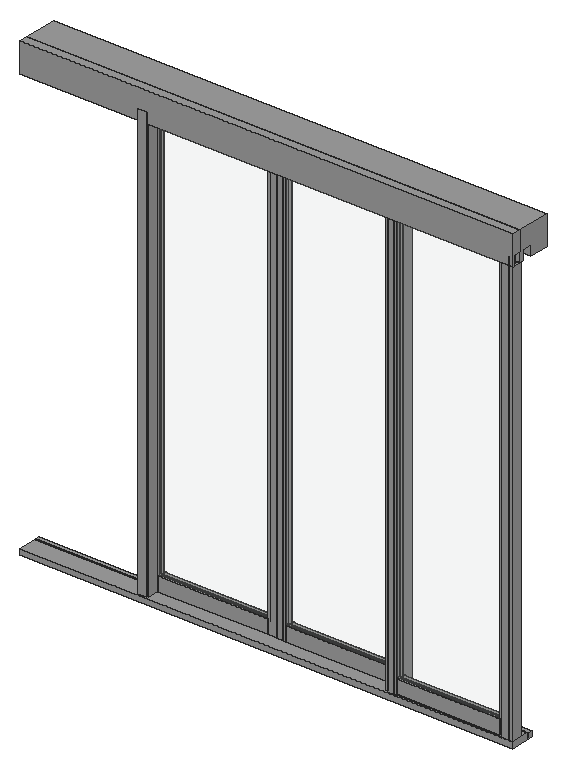
Revit family "agtatec_Record_SldngDrset_THERMCORD-D-STA_WallBased", category Doors, host Wall, Revit 2015
Parameters (values of type "THERMCORD D-STA 150mm drive unit height side panel left")
  WithoutDriveCladding(OnlyApplicableForTypesWithoutSidePanels) = not(WithDriveCladding)  # no
  WithinStandardSizes = and(OpeningWidth > 799.90 mm, OpeningWidth < 3000.10 mm, ClearHeightOfPassage < 3000.10 mm, ClearHeightOfPassage > 1999.90 mm)  # yes
  WithSidePanels = and(RightPanel, LeftPanel)  # no
  WithDriveCladding = yes
  WallMountingProfile = no
  TotalWidth = if(WithSidePanels, SidePanelWidthLeft + SidePanelWidthRight + OpeningWidth, if(RightPanel, SidePanelWidthRight + OpeningWidth + 54.50 mm, if(LeftPanel, SidePanelWidthLeft + OpeningWidth + 54.50 mm, OpeningWidth + 109.00 mm)))  # 1900.50 mm
  TotalHeight = ClearHeightOfPassage + DriveUnitHeight  # 2300.00 mm
  Thickness = 0.00 mm
  SupportLength = SidePanelWidthLeft + SidePanelWidthRight + OpeningWidth + DriveUnitExtraWidthRight + DriveUnitExtraWidthLeft  # 2492.00 mm
  SideVoidRight = if(and(RightPanel, [OffsetFromInteriorWallFace(OnlyApplicableForTypesWithTwoSidePanels)] = 0.00 mm), SidePanelWidthRight, if(and(not(RightPanel), [OffsetFromInteriorWallFace(OnlyApplicableForTypesWithTwoSidePanels)] = 0.00 mm), 70.00 mm, if(and(not(RightPanel), [OffsetFromInteriorWallFace(OnlyApplicableForTypesWithTwoSidePanels)] > 1.00 mm), 54.50 mm, SidePanelWidthRight)))  # 70.00 mm
  SideVoidLeft = if(and(LeftPanel, [OffsetFromInteriorWallFace(OnlyApplicableForTypesWithTwoSidePanels)] = 0.00 mm), SidePanelWidthLeft, if(and(not(LeftPanel), [OffsetFromInteriorWallFace(OnlyApplicableForTypesWithTwoSidePanels)] = 0.00 mm), 70.00 mm, if(and(not(LeftPanel), [OffsetFromInteriorWallFace(OnlyApplicableForTypesWithTwoSidePanels)] > 1.00 mm), 54.50 mm, SidePanelWidthLeft)))  # 646.00 mm
  SidePanelWidthRight = SidePanelMinimumStandard + ExtraRight  # 646.00 mm
  SidePanelWidthLeft = SidePanelMinimumStandard + ExtraLeft  # 646.00 mm
  SidePanelMinimumStandard = InnerPanelWidth  # 646.00 mm
  SecurityRating = "n/a"
  RightPanel = no
  PanelHeight = ClearHeightOfPassage + 50.00 mm  # 2200.00 mm
  PanelFrames = agtatec_Record_Sliding Door, Aluminium
  PanelFill = agtatec_Record_Sliding Door, Laminated Safety Glass (Clear)
  Operation = "Automatic"
  OpeningWidthInWall = if([OffsetFromInteriorWallFace(OnlyApplicableForTypesWithTwoSidePanels)] = 0.00 mm, OpeningWidth - 140.00 mm, OpeningWidth)  # 1060.00 mm
  OpeningWidth = 1200.00 mm
  OpeningAxis = CenterOfDoor + DriveUnitExtraWidthRight + ((SidePanelWidthRight + (OpeningWidth / 2)) - CenterOfDoor)  # 1246.00 mm
  OffsetFromWallTop = 0.00 mm
  OffsetFromWallSide = 0.00 mm
  OffsetFromInteriorWallFace(OnlyApplicableForTypesWithTwoSidePanels) = 0.00 mm
  Width = TotalWidth  # 1900.50 mm
  Weight = "Depends on configuration and size"
  WarrantyStartDate [instance] = "1900-12-31T23:59:59"
  WarrantyGuarantorParts = "Local door manufacturer"
  WarrantyGuarantorLabour = "Local door manufacturer"
  WarrantyDurationParts = "Depends on country"
  WarrantyDurationLabour = "Depends on country"
  WarrantyDescription = "Depends on country"
  Version = "Version 1.0"
  Uniclass2 = "Ss_25_30_20_77"
  URL = "www.agta-record.com"
  Type Comments = "n/a"
  ThresholdStripping = "No additional required, part of the doorset"
  ThresholdRequired = yes
  ThermalTransmittance = 0
  TagNumber [instance] = "n/a"
  SmokeStop = no
  Size = "n/a"
  Shape = "Rectangular"
  ServiceLifeDuration = "10-15 years"
  SerialNumber [instance] = "n/a"
  SelfClosing = yes
  Rough Width = SupportLength + OffsetFromWallSide + 6.00 mm  # 2498.00 mm
  Rough Height = TotalHeight + OffsetFromWallTop + 6.00 mm  # 2306.00 mm
  ReplacementCost = "Depends on the configuration and door type"
  ReferenceStandard = "EN16005, EN16361, DIN 18650, etc."
  Reference = "n/a"
  ProductionYear = "n/a"
  PassageWidthOptions = "n/a"
  Opening = 0.00 mm
  NominalWidth = TotalWidth  # 1900.50 mm
  NominalLength = 0.00 mm
  NominalHeight = TotalHeight  # 2300.00 mm
  ModelReference = "Depends on the configuration"
  Model = "Thermcord D-STA"
  Material = "Aluminium"
  ManufacturerURL = "www.agta-record.com"
  Manufacturer = "Record"
  LeftPanel = yes
  LeafColourOptions = "All RAL, customer specific"
  Keynote = "n/a"
  IssueDate = "n/a"
  IsExternal = yes
  InterlancingProfileHeight = PanelHeight - 5.00 mm  # 2195.00 mm
  InterlancingProfile1 = no
  InstallationDate [instance] = "1900-12-31T23:59:59"
  InnerPanelWidth = (OpeningWidth / 2) + 46.00 mm  # 646.00 mm
  Infiltration = "n/a"
  IfcExportType = "Door"
  IfcExportAs = "IfcDoorStyle"
  Height = TotalHeight  # 2300.00 mm
  HasDrive = yes
  HandicapAccessible = yes
  GlazingAreaFraction = "n/a"
  GlassType = "Part of glazing spec"
  GlassThickness2 = 0.00 mm
  GlassThickness1 = 8.00 mm
  GlassLayers = 2
  Function = Interior
  FrameSeal = yes
  FrameProfile = "Aluminium"
  FrameMaterial = "Aluminium"
  FrameFinishOptions = "n/a"
  FloorGuide = agtatec_Record_Sliding Door, Stainless Steel
  FireRating = "n/a"
  FireExit = no
  Fire Rating = "n/a"
  Finish = "Powder coated, Anodized, customer specific"
  ExtraWidthRight = 0.00 mm
  ExtraWidthLeft = 0.00 mm
  ExtraRight = if(not(RightPanel), 0.00 mm, ExtraWidthRight)  # 0.00 mm
  ExtraLeft = if(not(LeftPanel), 0.00 mm, ExtraWidthLeft)  # 0.00 mm
  ElectronicLock = yes
  DriveUnitHeight = 150.00 mm
  DriveUnitExtraWidthRight = 0.00 mm
  DriveUnitExtraWidthLeft = 0.00 mm
  DriveUnit = agtatec_Record_Sliding Door, Stainless Steel
  DoorsetOperation = "Automatic"
  DoorsetFasteners = "Screws"
  DoorSeal = "1"
  DoorOpening = 0.00 mm
  DoorNumber = "n/a"
  DoorIncluded = yes
  Description = "Automatic Sliding Door"
  Cost = 0
  Construction Type = "Automatic Sliding Door"
  Configuration = "1 or 2"
  Colour = "Customer specific"
  ClearanceZones = no
  ClearHeightOfPassage = 2150.00 mm
  CenterOfDoor = SupportLength / 2  # 1246.00 mm
  BarCode [instance] = "n/a"
  BIMObjectName = "THERMCORD D-STA - Wall based.rfa"
  Author = "agtatec"
  Assembly Code = "B2030110"
  AntiFingerTrapRequirement = yes
  AlternativeDoorsetGlazing = "Part of glazing spec"
  AcousticRating = "n/a"
  AccessoryOptions = "Contact manufacturer"
Reference planes
  plane 1: y = 0
  plane 2 "Center (Left/Right)": x = 0
  plane 3 "Wall Edge": y = 76.2
  plane 4: x = 530
  plane 5: x = -530
  plane 6: x = 1176
  plane 7: x = -600
  plane 8: z = 2300
  plane 9: x = 0
  plane 10: x = -1246
Lines and regions (mm)
  Opening 1
    outline origin (-1524, -76.2, 0) x (1, 0, 0) y (0, 0, 1)
      loop
        line (924, 0) -> (2700, 0) -> (2700, 2300) -> (924, 2300) -> (924, 0)
Text (mm)
  text "Placement Side" at (0, 1019.848, 3124.603), in view "Right"
  text "Placement Side" at (-1787.662, 723.012, 0), in view "Ref. Level"
  text "Placement Side" at (0, 2073.289, 3571.227), in view "Left"
Dimensions and locks
  locked: plane 3 "Wall Edge" to host wall
  "OffsetFromWallSide": Opening 1 sketch curve to plane 6
  "SideVoidLeft": plane 6 to plane 4
  "OffsetFromWallSide": plane 7 to Opening 1 sketch curve
  "SideVoidRight": plane 5 to plane 7
  "OffsetFromWallTop": Opening 1 sketch curve to plane 8
  "TotalHeight": plane 8 to level
  "OffsetFromInteriorWallFace(OnlyApplicableForTypesWithTwoSidePanels)": nested 1 to plane 3 "Wall Edge"
  "CenterOfDoor": plane 10 to plane 2 "Center (Left/Right)"
  "OpeningAxis": plane 10 to plane 9
  equal spacing: plane 4, plane 9, plane 5
  "OpeningWidthInWall": plane 4 to plane 5
Automatic sketch dimensions
  Opening 1 sketch curve to level = 0.00 mm
Nested families
  nested 1: "THERMCORD D-STA" at (0, 76.2, 0), type "THERMCORD D-STA 150mm drive unit height with two side panels"
    with WarrantyStartDate "1900-12-31T23:59:59", TagNumber "n/a", SerialNumber "n/a", InstallationDate "1900-12-31T23:59:59", BarCode "n/a", AssetIdentifier "n/a"
Definition of nested family "THERMCORD D-STA"
  Parameters
    WithoutSidePanels = and(not(RightPanel), not(LeftPanel))  # no
    WithoutDriveCladding(OnlyApplicableForTypesWithoutSidePanels) = not(WithDriveCladding)  # no
    WithinStandardSizes = and(OpeningWidth > 799.90 mm, OpeningWidth < 3000.10 mm, ClearHeightOfPassage < 3000.10 mm, ClearHeightOfPassage > 1999.90 mm)  # yes
    WithSidePanels = and(RightPanel, LeftPanel)  # yes
    WithDriveCladding = yes
    WarrantyDurationUnit = "Depends on country"
    WallMountingProfile = no
    Wall Opening Width = if(and(RightPanel, LeftPanel), OpeningWidth + SidePanelWidthRight + SidePanelWidthLeft, if(RightPanel, OpeningWidth + SidePanelWidthRight, if(LeftPanel, OpeningWidth + SidePanelWidthLeft, OpeningWidth)))  # 2492.00 mm
    TotalWidth = if(WithSidePanels, SidePanelWidthLeft + SidePanelWidthRight + OpeningWidth, if(RightPanel, SidePanelWidthRight + OpeningWidth + 54.50 mm, if(LeftPanel, SidePanelWidthLeft + OpeningWidth + 54.50 mm, OpeningWidth + 109.00 mm)))  # 2492.00 mm
    TotalHeight = ClearHeightOfPassage + DriveUnitHeight  # 2300.00 mm
    Thickness = 0.00 mm
    SustainabilityPerformance = "n/a"
    SupportLength = SidePanelWidthLeft + SidePanelWidthRight + OpeningWidth + DriveUnitExtraWidthRight + DriveUnitExtraWidthLeft  # 2492.00 mm
    SidePanelWidthRight = SidePanelMinimumStandard + ExtraRight  # 646.00 mm
    SidePanelWidthLeft = SidePanelMinimumStandard + ExtraLeft  # 646.00 mm
    SidePanelMinimumStandard = InnerPanelWidth  # 646.00 mm
    ServiceLifeType = "n/a"
    SecurityRating = "n/a"
    RightPanel = yes
    Revision = "n/a"
    ProductInformation = "www.agta-record.com"
    Process = "n/a"
    PanelHeight = ClearHeightOfPassage + 50.00 mm  # 2200.00 mm
    PanelFrames = none
    PanelFill = none
    OuterPanelWidthRight = SidePanelMinimumStandard - 32.82 mm + ExtraRight  # 613.18 mm
    OuterPanelWidthLeft = SidePanelMinimumStandard - 32.82 mm + ExtraLeft  # 613.18 mm
    OpeningWidth = 1200.00 mm
    Name = "SldngDrset_THERMCORD-D-STA_Standalone_Record"
    NBSTypeID = "n/a"
    NBSReference = "25-50-20/175"
    NBSOfficeMasterTag = "n/a"
    NBSNote = "n/a"
    NBSDescription = "Sliding Doorset"
    NBSCertification = "n/a"
    MountingProfileRight = and(RightPanel, WallMountingProfile)  # no
    MountingProfileLeft = and(LeftPanel, WallMountingProfile)  # no
    ModelNumber = "n/a"
    ModelLabel = "n/a"
    MethodOfMeasurement = "n/a"
    ManufacturerName = "info@recorduk.co.uk"
    LeftPanel = yes
    InterlancingProfileRight = not(and(RightPanel, (Wall Opening Width > OpeningWidth)))  # no
    InterlancingProfileLeft = not(and(LeftPanel, (Wall Opening Width > OpeningWidth)))  # no
    InterlancingProfileHeight = PanelHeight - 5.00 mm  # 2195.00 mm
    InterlancingProfile3 = or(and(Wall Opening Width < 2 * OpeningWidth, Wall Opening Width > OpeningWidth), WithDriveCladding)  # yes
    InterlancingProfile2 = and(Wall Opening Width = OpeningWidth, [WithoutDriveCladding(OnlyApplicableForTypesWithoutSidePanels)])  # no
    InterlancingProfile1 = yes
    InstallationDate [instance] = "1900-12-31T23:59:59"
    InnerPanelWidth = (OpeningWidth / 2) + 46.00 mm  # 646.00 mm
    IfcExportType = "Door"
    IfcExportAs = "IfcDoorStyle"
    Grade = "n/a"
    GlazingAreaFraction = "n/a"
    GlassThickness2 = 0.00 mm
    GlassThickness1 = 8.00 mm
    FloorListDepth = if(WithDriveCladding, 89.00 mm, 46.75 mm)  # 89.00 mm
    FloorGuide = none
    Width = TotalWidth  # 2492.00 mm
    Weight = "Depends on configuration and size"
    WarrantyStartDate [instance] = "1900-12-31T23:59:59"
    WarrantyGuarantorParts = "Local door manufacturer"
    WarrantyGuarantorLabour = "Local door manufacturer"
    WarrantyDurationParts = "Depends on country"
    WarrantyDurationLabour = "Depends on country"
    WarrantyDescription = "Depends on country"
    Version = "Version 1.0"
    Uniclass2 = "Ss_25_30_20_77"
    URL = "www.agta-record.com"
    Type Comments = "n/a"
    ThresholdStripping = "No additional required, part of the doorset"
    ThresholdRequired = yes
    ThermalTransmittance = 0
    TagNumber [instance] = "n/a"
    SmokeStop = no
    Size = "n/a"
    Shape = "Rectangular"
    ServiceLifeDuration = "10-15 years"
    SerialNumber [instance] = "n/a"
    SelfClosing = yes
    Rough Width = TotalWidth + 6.00 mm  # 2498.00 mm
    Rough Height = TotalHeight + 6.00 mm  # 2306.00 mm
    ReplacementCost = "Depends on the configuration and door type"
    ReferenceStandard = "EN16005, EN16361, DIN 18650, etc."
    Reference = "n/a"
    ProductionYear = "n/a"
    PassageWidthOptions = "n/a"
    Operation = "n/a"
    NominalWidth = TotalWidth  # 2492.00 mm
    NominalLength = 0.00 mm
    NominalHeight = TotalHeight  # 2300.00 mm
    ModelReference = "Depends on the configuration"
    Model = "Thermcord D-STA"
    Material = "Aluminium"
    ManufacturerURL = "www.agta-record.com"
    Manufacturer = "Record"
    LeafColourOptions = "All RAL, customer specific"
    Keynote = "n/a"
    IssueDate = "n/a"
    IsExternal = yes
    Infiltration = "n/a"
    Height = TotalHeight  # 2300.00 mm
    HasDrive = yes
    HandicapAccessible = yes
    GlassType = "Part of glazing spec"
    GlassLayers = 2
    Function = 1
    FrameSeal = yes
    FrameProfile = "Aluminium"
    FrameMaterial = "Aluminium"
    FrameFinishOptions = "n/a"
    FireRating = "n/a"
    FireExit = no
    Fire Rating = "n/a"
    Finish = "Powder coated, Anodized, customer specific"
    Features = "n/a"
    ExtraWidthRight = 0.00 mm
    ExtraWidthLeft = 0.00 mm
    ExtraRight = if(not(RightPanel), 0.00 mm, ExtraWidthRight)  # 0.00 mm
    ExtraLeft = if(not(LeftPanel), 0.00 mm, ExtraWidthLeft)  # 0.00 mm
    ExpectedLife = "n/a"
    ElectronicLock = yes
    DurationUnit = "year"
    DriveUnitHeight = 150.00 mm
    DriveUnitExtraWidthRight = 0.00 mm
    DriveUnitExtraWidthLeft = 0.00 mm
    DriveUnitCenterDistance = (OpeningWidth / 2) + SidePanelWidthRight + DriveUnitExtraWidthRight  # 1246.00 mm
    DriveUnit = none
    DriveDepth = if(and([WithoutDriveCladding(OnlyApplicableForTypesWithoutSidePanels)], DriveUnitHeight = 200.00 mm), 167.00 mm, if(and([WithoutDriveCladding(OnlyApplicableForTypesWithoutSidePanels)], DriveUnitHeight = 150.00 mm), 157.00 mm, 210.00 mm))  # 210.00 mm
    DoorsetOperation = "Automatic"
    DoorsetFasteners = "Screws"
    DoorSeal = "yes"
    DoorOpeningRestriction = if(DoorOpening > OpeningWidth, OpeningWidth, DoorOpening)  # 0.00 mm
    DoorOpening = 0.00 mm
    DoorNumber = "n/a"
    DoorIncluded = yes
    Documentation = "n/a"
    DocumentReference = "n/a"
    DistanceToWall = if([WithoutDriveCladding(OnlyApplicableForTypesWithoutSidePanels)], 20.00 mm, 63.00 mm)  # 63.00 mm
    Description = "Automatic Sliding Door"
    Cost = 0
    Construction Type = "Automatic Sliding Door"
    Constituents = "n/a"
    Configuration = "1 or 2"
    Colour = "Customer specific"
    CodePerformance = "n/a"
    ClearanceZoneRight = if(or(not(WallMountingProfile), not(RightPanel), DriveUnitExtraWidthRight > 0.00 mm), ((OpeningWidth / 2) + SidePanelWidthRight + DriveUnitExtraWidthRight), ((OpeningWidth / 2) + SidePanelWidthRight + DriveUnitExtraWidthRight + 25.00 mm))  # 1246.00 mm
    ClearanceZoneLeft = if(or(not(WallMountingProfile), not(LeftPanel), DriveUnitExtraWidthLeft > 0.00 mm), ((OpeningWidth / 2) + SidePanelWidthLeft + DriveUnitExtraWidthLeft), ((OpeningWidth / 2) + SidePanelWidthLeft + DriveUnitExtraWidthLeft + 25.00 mm))  # 1246.00 mm
    Clearance Zones = no
    ClearHeightOfPassage = 2150.00 mm
    CenterOfDoor = SupportLength / 2  # 1246.00 mm
    Category = "n/a"
    BarCode [instance] = "n/a"
    BIMObjectName = "agtatec_Record_SlidingDoorset_THERMCORD-D-STA_Standalone"
    Author = "agtatec"
    AssetType = "n/a"
    AssetIdentifier [instance] = "n/a"
    Assembly Code = "B2030110"
    AntiFingerTrapRequirement = yes
    AlternativeDoorsetGlazing = "Part of glazing spec"
    AcousticRating = "n/a"
    AccessoryOptions = "Contact manufacturer"
    AccessibilityPerformance = "n/a"
  Reference planes
    plane 1 "Center (Front/Back)": y = 0
    plane 2: z = 0
    plane 3 "Ex Center (Left/Right)": x = 0
    plane 4: x = -1221.68
    plane 5: x = 1221.68
    plane 6: y = 5
    plane 7: y = 101
    plane 8: x = 0
    plane 9: x = 0
    plane 10: x = -1246
    plane 11: x = 1246
    plane 12: z = 2300
    plane 13: z = 2150
    plane 14: z = 2508.08
    plane 15: x = -1175.68
    plane 16: x = 1175.68
    plane 17: x = 600
    plane 18: x = 608.5
    plane 19 "Drive Unit Center Ref": x = -1246
    plane 20: z = 2320
    plane 21: y = 360
    plane 22 "Clearance Zone Right": x = 1246
    plane 23 "Reference": z = 270
    plane 24 "2D Lines": z = 100
    plane 25: x = -646
    plane 26: y = 63
    plane 27: x = 646
    plane 28: y = 45.85
    plane 29: x = -600
    plane 30: x = -608.5
    plane 31: y = 210
    plane 32 "Center (Left/Right)": x = 0
    plane 33: x = -1246
    plane 34: x = 1246
  Forms (mm)
    Extrusion 1, solid, material <- "PanelFrames", visible <- "RightPanel"
      sketch origin (0, 0, 0) x (1, 0, 0) y (0, 1, 0)
        loop
          line (-1191, 5) -> (-1236.36, 5) -> (-1236.36, 43) -> (-1191, 43) -> (-1191, 45.85) -> (-1246, 45.85) -> (-1246, 0) -> (-1191, 0) -> (-1191, 5)
      from 0 to 2150
    Extrusion 2, solid, material <- "PanelFrames", visible <- "LeftPanel"
      sketch origin (0, 0, 0) x (-1, 0, 0) y (0, -1, 0)
        loop
          line (-1191, -5) -> (-1191, 0) -> (-1246, 0) -> (-1246, -45.85) -> (-1191, -45.85) -> (-1191, -43) -> (-1236.36, -43) -> (-1236.36, -5) -> (-1191, -5)
      from 0 to 2150
    Extrusion 3, solid, material <- "FloorGuide"
      sketch origin (0, 0, 0) x (0, 1, 0) y (0, 0, 1)
        loop
          line (0, 0) -> (0, -30) -> (116, -30) -> (116, 0) -> (96, 0) -> (96, -28) -> (89, -28) -> (89, 0) -> (0, 0)
      from -1246 to 1246
    Extrusion 4, solid, material <- "PanelFrames", visible <- "MountingProfileLeft"
      sketch origin (0, 0, 0) x (1, 0, 0) y (0, 1, 0)
        loop
          line (1246, 45.85) -> (1246, 0) -> (1271, 0) -> (1271, 2.5) -> (1256.5, 2.5) -> (1256.5, 45.85) -> (1246, 45.85)
      from 0 to 2150
    Extrusion 5, solid, material <- "PanelFrames", visible <- "MountingProfileRight"
      sketch origin (0, 0, 0) x (-1, 0, 0) y (0, -1, 0)
        loop
          line (1246, -45.85) -> (1256.5, -45.85) -> (1256.5, -2.5) -> (1271, -2.5) -> (1271, 0) -> (1246, 0) -> (1246, -45.85)
      from 0 to 2150
    Extrusion 6, solid, visible <- "Clearance Zones"
      sketch origin (0, 0, 0) x (0, 1, 0) y (0, 0, 1)
        loop
          line (360, 2320) -> (0, 2320) -> (0, 0) -> (360, 0) -> (360, 2320)
      from -1246 to 1246
  Lines and regions (mm)
    Masking region 1, visible <- "RightPanel"
      outline origin (0, 0, 0) x (1, 0, 0) y (0, 1, 0)
        loop
          line (-1236.36, 43) -> (-1236.36, 5) -> (-1221.68, 5) -> (-1221.68, 43) -> (-1236.36, 43)
    Masking region 2, visible <- "LeftPanel"
      outline origin (0, 0, 0) x (1, 0, 0) y (0, 1, 0)
        loop
          line (1191, 45.85) -> (1191, 43) -> (1236.36, 43) -> (1236.36, 5) -> (1191, 5) -> (1191, 0) -> (1246, 0) -> (1246, 45.85) -> (1191, 45.85)
    Masking region 3, visible <- "LeftPanel"
      outline origin (0, 0, 0) x (1, 0, 0) y (0, 1, 0)
        loop
          line (1236.36, 43) -> (1221.68, 43) -> (1221.68, 5) -> (1236.36, 5) -> (1236.36, 43)
    Masking region 4, visible <- "MountingProfileLeft"
      outline origin (0, 0, 0) x (1, 0, 0) y (0, 1, 0)
        loop
          line (1246, 45.85) -> (1246, 0) -> (1271, 0) -> (1271, 2.5) -> (1256.5, 2.5) -> (1256.5, 45.85) -> (1246, 45.85)
    Masking region 5, visible <- "MountingProfileRight"
      outline origin (0, 0, 0) x (1, 0, 0) y (0, 1, 0)
        loop
          line (-1256.5, 45.85) -> (-1256.5, 2.5) -> (-1271, 2.5) -> (-1271, 0) -> (-1246, 0) -> (-1246, 45.85) -> (-1256.5, 45.85)
    Masking region 6, visible <- "RightPanel"
      outline origin (0, 0, 0) x (1, 0, 0) y (0, 1, 0)
        loop
          line (-1191, 45.85) -> (-1246, 45.85) -> (-1246, 0) -> (-1191, 0) -> (-1191, 5) -> (-1236.36, 5) -> (-1236.36, 43) -> (-1191, 43) -> (-1191, 45.85)
    symbolic lines
      curve 1: line (175, -50, 0) -> (25, -50, 0)
      curve 2: line (175, -50, 0) -> (139.645, -14.645, 0)
      curve 3: line (175, -50, 0) -> (139.645, -85.355, 0)
      curve 4: line (-25, -50, 0) -> (-175, -50, 0)
      curve 5: line (-175, -50, 0) -> (-139.645, -14.645, 0)
      curve 6: line (-175, -50, 0) -> (-139.645, -85.355, 0)
    symbolic lines, visible <- "LeftPanel", detail levels medium+fine
      curve 7: line (1191, 43, 100) -> (1236.36, 43, 100)
      curve 8: line (1236.36, 5, 100) -> (1191, 5, 100)
      curve 9: line (1236.36, 5, 100) -> (1236.36, 43, 100)
      curve 10: line (1221.68, 43, 100) -> (1221.68, 5, 100)
    symbolic lines, visible <- "RightPanel", detail levels medium+fine
      curve 11: line (-1191, 43, 100) -> (-1236.36, 43, 100)
      curve 12: line (-1236.36, 5, 100) -> (-1191, 5, 100)
      curve 13: line (-1236.36, 5, 100) -> (-1236.36, 43, 100)
      curve 14: line (-1221.68, 43, 100) -> (-1221.68, 5, 100)
  Dimensions and locks
    locked: plane 6 to plane 1 "Center (Front/Back)" at 5
    locked: plane 1 "Center (Front/Back)" to plane 7 at 101
    equal spacing: plane 8, plane 3 "Ex Center (Left/Right)", plane 9
    locked: plane 10 to plane 4 at 24.32
    locked: plane 5 to plane 11 at 24.32
    "DriveUnitHeight": plane 12 to plane 13
    locked: plane 14 to plane 13 at 358.08
    locked: plane 10 to plane 15 at 70.32
    locked: plane 16 to plane 11 at 70.32
    locked: plane 17 to plane 18 at 8.5
    "SidePanelWidthLeft": plane 17 to plane 11
    "ClearHeightOfPassage": plane 13 to plane 2
    "DriveUnitCenterDistance": plane 3 "Ex Center (Left/Right)" to plane 19 "Drive Unit Center Ref"
    locked: plane 20 to plane 12 at 20
    "SupportLength": plane 19 "Drive Unit Center Ref" to plane 22 "Clearance Zone Right"
    "DoorOpeningRestriction": plane 8 to plane 9
    "InnerPanelWidth": plane 25 to plane 8
    "InnerPanelWidth": plane 9 to plane 27
    "DistanceToWall": plane 26 to plane 1 "Center (Front/Back)"
    locked: plane 26 to nested 8 at 20
    locked: plane 26 to nested 9 at 20
    locked: plane 28 to plane 1 "Center (Front/Back)" at 45.85
    locked: plane 30 to plane 29 at 8.5
    equal spacing: plane 29, plane 3 "Ex Center (Left/Right)", plane 17
    "SidePanelWidthRight": plane 10 to plane 29
    "OpeningWidth": plane 29 to plane 17
    "DriveDepth": plane 1 "Center (Front/Back)" to plane 31
    "DriveUnitHeight": plane 31 to plane 21
    locked: Extrusion 3 sketch curve to Extrusion 3 sketch curve at 20
    locked: Extrusion 3 sketch curve to Extrusion 3 sketch curve at 7
    "FloorListDepth": plane 1 "Center (Front/Back)" to Extrusion 3 sketch curve
    "CenterOfDoor": plane 19 "Drive Unit Center Ref" to plane 32 "Center (Left/Right)"
    "ClearanceZoneLeft": plane 3 "Ex Center (Left/Right)" to plane 34
    "ClearanceZoneRight": plane 33 to plane 3 "Ex Center (Left/Right)"
    aligned and locked: level to plane 2
    aligned and locked: Extrusion 1 to plane 10
    aligned and locked: plane 11 to Extrusion 2
    aligned and locked: plane 11 to Extrusion 4 sketch curve
    aligned and locked: plane 13 to Extrusion 4
    aligned and locked: plane 13 to Extrusion 2
    aligned and locked: plane 13 to Extrusion 1
    aligned and locked: plane 13 to Extrusion 5
    aligned and locked: plane 12 to nested 2
    aligned and locked: Extrusion 3 to plane 10
    aligned and locked: plane 11 to Extrusion 3
    aligned and locked: nested 2 to plane 19 "Drive Unit Center Ref"
    aligned and locked: plane 21 to Extrusion 6 sketch curve
    aligned and locked: Extrusion 6 sketch curve to plane 20
    aligned and locked: nested 7 to plane 25
    aligned and locked: plane 26 to nested 7
    aligned and locked: plane 25 to nested 6
    aligned and locked: nested 6 to plane 26
    aligned and locked: plane 28 to Extrusion 2 sketch curve
    aligned and locked: Masking region 2 sketch curve to plane 28
    aligned and locked: Extrusion 4 sketch curve to plane 28
    aligned and locked: Masking region 4 sketch curve to plane 28
    aligned and locked: Extrusion 1 sketch curve to plane 28
    aligned and locked: plane 28 to Extrusion 5 sketch curve
    aligned and locked: Masking region 1 to Extrusion 1
    aligned and locked: Masking region 3 to Extrusion 2
    aligned and locked: plane 10 to Extrusion 5 sketch curve
    aligned and locked: Masking region 5 sketch curve to plane 28
    aligned and locked: Masking region 5 sketch curve to plane 10
    aligned and locked: plane 30 to nested 8
    aligned and locked: plane 1 "Center (Front/Back)" to nested 2
    aligned and locked: plane 30 to nested 5
    aligned and locked: plane 30 to nested 11
    aligned and locked: plane 18 to nested 9
    aligned and locked: plane 18 to nested 10
    aligned and locked: plane 18 to nested 1
    aligned and locked: plane 27 to nested 4
    aligned and locked: nested 3 to plane 26
    aligned and locked: nested 3 to plane 27
    aligned and locked: plane 26 to nested 4
    aligned and locked: Extrusion 6 to plane 33
    aligned and locked: plane 34 to Extrusion 6
  Automatic sketch dimensions
    Extrusion 6 sketch curve to level = 0.00 mm
    Extrusion 6 sketch curve to plane 1 "Center (Front/Back)" = 0.00 mm
    plane 1 "Center (Front/Back)" to curve 5 = 14.645 mm
    curve 5 to curve 6 = 0.00 mm
    curve 4 to curve 5 = 35.355 mm
    plane 1 "Center (Front/Back)" to curve 2 = 14.645 mm
    curve 3 to curve 2 = 0.00 mm
    plane 1 "Center (Front/Back)" to curve 2 = 50.00 mm
    curve 2 to curve 2 = 35.355 mm
    curve 6 to curve 5 = 35.355 mm
    Extrusion 1 sketch curve to plane 10 = 0.00 mm
    Extrusion 1 sketch curve to plane 6 = 0.00 mm
    Extrusion 1 sketch curve to plane 1 "Center (Front/Back)" = 0.00 mm
    plane 10 to Extrusion 1 sketch curve = 9.64 mm
    Extrusion 1 sketch curve to plane 15 = 15.32 mm  (x2)
    Extrusion 1 sketch curve to Extrusion 1 sketch curve = 2.85 mm
    Extrusion 2 sketch curve to plane 11 = 0.00 mm
    Extrusion 2 sketch curve to plane 6 = 0.00 mm
    plane 1 "Center (Front/Back)" to Extrusion 2 sketch curve = 0.00 mm
    plane 11 to Extrusion 2 sketch curve = 9.64 mm
    Extrusion 2 sketch curve to plane 16 = 15.32 mm  (x2)
    Extrusion 2 sketch curve to Extrusion 2 sketch curve = 2.85 mm
    plane 1 "Center (Front/Back)" to Extrusion 4 sketch curve = 0.00 mm
    plane 11 to Extrusion 4 sketch curve = 10.50 mm
    Extrusion 4 sketch curve to Extrusion 4 sketch curve = 14.50 mm
    Extrusion 4 sketch curve to plane 1 "Center (Front/Back)" = 2.50 mm
    Extrusion 5 sketch curve to plane 1 "Center (Front/Back)" = 0.00 mm
    Extrusion 5 sketch curve to Extrusion 5 sketch curve = 10.50 mm
    Extrusion 5 sketch curve to Extrusion 5 sketch curve = 14.50 mm
    Extrusion 5 sketch curve to Extrusion 5 sketch curve = 2.50 mm
    Masking region 1 sketch curve to plane 6 = 0.00 mm
    Masking region 1 sketch curve to plane 4 = 0.00 mm
    plane 10 to Masking region 1 sketch curve = 9.64 mm
    Masking region 1 sketch curve to plane 26 = 20.00 mm
    Masking region 2 sketch curve to plane 6 = 0.00 mm
    plane 1 "Center (Front/Back)" to Masking region 2 sketch curve = 0.00 mm
    Masking region 2 sketch curve to plane 11 = 0.00 mm
    Masking region 2 sketch curve to plane 11 = 9.64 mm
    plane 16 to Masking region 2 sketch curve = 15.32 mm  (x2)
    Masking region 2 sketch curve to Masking region 2 sketch curve = 2.85 mm
    Masking region 3 sketch curve to plane 6 = 0.00 mm
    Masking region 3 sketch curve to plane 5 = 0.00 mm
    Masking region 3 sketch curve to plane 11 = 9.64 mm
    Masking region 3 sketch curve to plane 26 = 20.00 mm
    plane 1 "Center (Front/Back)" to Masking region 4 sketch curve = 0.00 mm
    Masking region 4 sketch curve to plane 11 = 0.00 mm
    Masking region 4 sketch curve to Masking region 4 sketch curve = 10.50 mm
    Masking region 4 sketch curve to Masking region 4 sketch curve = 14.50 mm
    Masking region 4 sketch curve to plane 1 "Center (Front/Back)" = 2.50 mm
    curve 1 to curve 2 = 114.645 mm
    curve 6 to curve 4 = 114.645 mm
    plane 3 "Ex Center (Left/Right)" to curve 1 = 25.00 mm
    curve 4 to plane 3 "Ex Center (Left/Right)" = 25.00 mm
    curve 9 to plane 6 = 0.00 mm
    curve 10 to plane 5 = 0.00 mm
    curve 12 to plane 6 = 0.00 mm
    curve 14 to plane 4 = 0.00 mm
    curve 9 to plane 28 = 2.85 mm
    curve 9 to plane 11 = 9.64 mm
    plane 16 to curve 8 = 15.32 mm
    plane 16 to curve 7 = 15.32 mm
    curve 11 to plane 28 = 2.85 mm
    curve 11 to plane 15 = 15.32 mm
    curve 12 to plane 15 = 15.32 mm
    plane 10 to curve 13 = 9.64 mm
    plane 1 "Center (Front/Back)" to Masking region 5 sketch curve = 0.00 mm
    Masking region 5 sketch curve to Masking region 5 sketch curve = 10.50 mm
    Masking region 5 sketch curve to Masking region 5 sketch curve = 14.50 mm
    Masking region 5 sketch curve to plane 1 "Center (Front/Back)" = 2.50 mm
    Masking region 6 sketch curve to plane 10 = 0.00 mm
    Masking region 6 sketch curve to plane 6 = 0.00 mm
    Masking region 6 sketch curve to plane 28 = 0.00 mm
    plane 1 "Center (Front/Back)" to Masking region 6 sketch curve = 0.00 mm
    plane 10 to Masking region 6 sketch curve = 9.64 mm
    Masking region 6 sketch curve to plane 28 = 2.85 mm
    Masking region 6 sketch curve to plane 15 = 15.32 mm  (x2)
    Extrusion 3 sketch curve to level = 0.00 mm  (x2)
    Extrusion 3 sketch curve to plane 1 "Center (Front/Back)" = 0.00 mm
    Extrusion 3 sketch curve to level = 28.00 mm
    Extrusion 3 sketch curve to level = 30.00 mm
  Nested families
    nested 1: "Outer Panel Left" at (608.5, 5, 0), visible <- "LeftPanel", type "Outer Panel Left"
    nested 2: "Top Element (drive unit)" at (0, 0, 2300), type "Top Element (drive unit)"
      with Total Width 2492.00 mm, Support Length 2492.00 mm
    nested 3: "Inner Panel" at (0, 63, 0), type "Inner Panel"
      with Inner Panel Width 646.00 mm
    nested 4: "Interlacing profile" at (646, 63, 5) x (0, -1, 0) z (0, 0, 1), type "Interlacing profile"
    nested 5: "Outer Panel Right" at (-1221.68, 5, 0), visible <- "RightPanel", type "Outer Panel Right"
    nested 6: "Interlacing profile" at (-646, 63, 5) x (0, -1, 0) z (0, 0, 1), type "Interlacing profile"
    nested 7: "Inner Panel" at (0, 63, 0) x (-1, 0, 0) z (0, 0, 1), type "Inner Panel"
      with Inner Panel Width 646.00 mm
    nested 8: "Interlacing profile" at (-608.5, 43, 5) x (0, 1, 0) z (0, 0, 1), visible <- "InterlancingProfileRight", type "Modified profile"
      with Interlacing profile 3 yes
    nested 9: "Interlacing profile" at (608.5, 43, 5) x (0, 1, 0) z (0, 0, 1), visible <- "InterlancingProfileLeft", type "Modified profile"
      with Interlacing profile 3 yes
    nested 10: "Interlacing profile" at (608.5, 43, 5) x (0, 1, 0) z (0, 0, 1), visible <- "LeftPanel", type "Interlacing profile"
    nested 11: "Interlacing profile" at (-608.5, 43, 5) x (0, 1, 0) z (0, 0, 1), visible <- "RightPanel", type "Interlacing profile"
  Definition of nested family "Outer Panel Left"
    Parameters
      Panel Height = 2200.00 mm
      Panel Glass = none
      Panel Frames = none
      Outer Panel Width Left = 613.18 mm
    Reference planes
      plane 1 "Center (Front/Back)": y = 0
      plane 2: z = 0
      plane 3 "Center (Left/Right)": x = 0
      plane 4: x = 613.18
      plane 5: z = 2200
      plane 6: x = 567.18
      plane 7: x = 46
      plane 8: z = 2163
      plane 9 "Above": z = 66
      plane 10: x = 581.18
      plane 11: x = 32
      plane 12: x = 582.5
      plane 13: x = 16.25
    Forms (mm)
      Extrusion 1, solid, material <- "Panel Frames"
        sketch origin (0, 0, 0) x (1, 0, 0) y (0, 1, 0)
          loop
            line (0, 0) -> (46, 0) -> (46, 2) -> (30, 2) -> (30, 36) -> (46, 36) -> (46, 38) -> (0, 38) -> (0, 0)
        from 0 to 2200
      Extrusion 2, solid, material <- "Panel Frames"
        sketch origin (591.5, 0, 0) x (-1, 0, 0) y (0, -1, 0)
          loop
            line (-21.68, 0) -> (-21.68, -38) -> (24.32, -38) -> (24.32, -36) -> (8.32, -36) -> (8.32, -2) -> (24.32, -2) -> (24.32, 0) -> (-21.68, 0)
        from 0 to 2200
      Extrusion 3, solid, material <- "Panel Frames"
        sketch origin (75, 0, 0) x (0, 1, 0) y (0, 0, 1)
          loop
            line (0, 2200) -> (0, 2150) -> (2.5, 2150) -> (2.5, 2166) -> (35.5, 2166) -> (35.5, 2150) -> (38, 2150) -> (38, 2200) -> (0, 2200)
        from -29 to 492.18
      Extrusion 4, solid, material <- "Panel Glass"
        sketch origin (0, 0, 0) x (1, 0, 0) y (0, 1, 0)
          loop
            line (32, 34) -> (32, 4) -> (581.18, 4) -> (581.18, 34) -> (32, 34)
        from 66 to 2163
      Extrusion 5, solid, material <- "Panel Frames"
        sketch origin (20, 0, 0) x (0, 1, 0) y (0, 0, 1)
          loop
            line (0, 5) -> (2.25, 5) -> (2.25, 0) -> (35.25, 0) -> (35.25, 5) -> (38, 5) -> (38, 77) -> (35.5, 77) -> (35.5, 61) -> (2.5, 61) -> (2.5, 77) -> (0, 77) -> (0, 5)
        from 26 to 547.18
    Lines and regions (mm)
      Masking region 1
        outline origin (0, 0, 0) x (1, 0, 0) y (0, 1, 0)
          loop
            line (0, 38) -> (0, 0) -> (582.5, 0) -> (613.18, 0) -> (613.18, 38) -> (582.5, 38) -> (16.25, 38) -> (0, 38)
      symbolic lines, detail levels medium+fine
        curve 1: line (567.18, 38, 66) -> (567.18, 0, 66)
        curve 2: line (46, 38, 66) -> (46, 0, 66)
      symbolic lines, detail levels fine
        curve 3: line (46, 34, 66) -> (567.18, 34, 66)
        curve 4: line (567.18, 4, 66) -> (46, 4, 66)
    Dimensions and locks
      "Panel Height": plane 5 to plane 2
      locked: plane 7 to plane 3 "Center (Left/Right)" at 46
      locked: plane 6 to plane 4 at 46
      locked: plane 5 to plane 8 at 37
      locked: plane 9 "Above" to level at 66
      locked: plane 4 to plane 10 at 32
      locked: plane 11 to plane 3 "Center (Left/Right)" at 32
      locked: plane 12 to plane 4 at 30.68
      plane 3 "Center (Left/Right)" to plane 13 = 16.25 mm
      "Outer Panel Width Left": plane 4 to plane 3 "Center (Left/Right)"
      aligned and locked: plane 2 to level
      aligned and locked: plane 5 to Extrusion 2
      aligned and locked: plane 5 to Extrusion 1
      aligned and locked: Extrusion 3 to plane 7
      aligned and locked: Extrusion 3 to plane 6
      aligned and locked: plane 8 to Extrusion 4
      aligned and locked: Extrusion 4 to plane 9 "Above"
      aligned and locked: Extrusion 4 to plane 10
      aligned and locked: Extrusion 4 to plane 11
      aligned and locked: Extrusion 1 to level
      aligned and locked: Extrusion 2 to level
      aligned and locked: Extrusion 5 to plane 6
      aligned and locked: Extrusion 5 to plane 7
      aligned and locked: Masking region 1 sketch curve to plane 3 "Center (Left/Right)"
      aligned and locked: Masking region 1 sketch curve to plane 4
      aligned and locked: plane 6 to curve 1
      aligned and locked: curve 2 to plane 7
    Automatic sketch dimensions
      Extrusion 1 sketch curve to plane 3 "Center (Left/Right)" = 0.00 mm
      Extrusion 1 sketch curve to plane 7 = 0.00 mm  (x2)
      plane 1 "Center (Front/Back)" to Extrusion 1 sketch curve = 0.00 mm
      Extrusion 1 sketch curve to plane 11 = 2.00 mm
      Extrusion 1 sketch curve to Extrusion 1 sketch curve = 2.00 mm  (x2)
      Extrusion 1 sketch curve to Extrusion 1 sketch curve = 34.00 mm
      Extrusion 2 sketch curve to plane 4 = 0.00 mm
      Extrusion 2 sketch curve to plane 6 = 0.00 mm  (x2)
      plane 1 "Center (Front/Back)" to Extrusion 2 sketch curve = 0.00 mm
      plane 10 to Extrusion 2 sketch curve = 2.00 mm
      Extrusion 2 sketch curve to Extrusion 2 sketch curve = 2.00 mm  (x2)
      Extrusion 2 sketch curve to Extrusion 2 sketch curve = 34.00 mm
      Extrusion 3 sketch curve to plane 1 "Center (Front/Back)" = 0.00 mm
      Extrusion 3 sketch curve to plane 5 = 0.00 mm
      Extrusion 3 sketch curve to plane 1 "Center (Front/Back)" = 2.50 mm
      plane 8 to Extrusion 3 sketch curve = 3.00 mm
      Extrusion 3 sketch curve to Extrusion 3 sketch curve = 33.00 mm
      Extrusion 3 sketch curve to Extrusion 3 sketch curve = 2.50 mm
      Extrusion 3 sketch curve to plane 8 = 13.00 mm  (x2)
      Extrusion 4 sketch curve to plane 11 = 0.00 mm
      Extrusion 4 sketch curve to plane 10 = 0.00 mm
      Extrusion 4 sketch curve to plane 1 "Center (Front/Back)" = 4.00 mm
      Extrusion 4 sketch curve to Extrusion 4 sketch curve = 30.00 mm
      Extrusion 5 sketch curve to plane 1 "Center (Front/Back)" = 0.00 mm
      Extrusion 5 sketch curve to level = 0.00 mm
      Extrusion 5 sketch curve to plane 1 "Center (Front/Back)" = 2.25 mm
      Extrusion 5 sketch curve to plane 1 "Center (Front/Back)" = 2.50 mm
      level to Extrusion 5 sketch curve = 5.00 mm
      Extrusion 5 sketch curve to Extrusion 5 sketch curve = 33.00 mm  (x2)
      plane 9 "Above" to Extrusion 5 sketch curve = 11.00 mm  (x2)
      Extrusion 5 sketch curve to Extrusion 5 sketch curve = 2.50 mm
      Extrusion 5 sketch curve to Extrusion 5 sketch curve = 5.00 mm
      Extrusion 5 sketch curve to plane 9 "Above" = 5.00 mm
      plane 1 "Center (Front/Back)" to Masking region 1 sketch curve = 0.00 mm
      Masking region 1 sketch curve to Masking region 1 sketch curve = 38.00 mm
      plane 12 to Masking region 1 sketch curve = 0.00 mm  (x2)
      Masking region 1 sketch curve to plane 13 = 0.00 mm
      plane 1 "Center (Front/Back)" to curve 2 = 0.00 mm
      plane 1 "Center (Front/Back)" to curve 1 = 0.00 mm
      curve 4 to curve 2 = 4.00 mm
      curve 3 to curve 4 = 30.00 mm
      curve 1 to curve 3 = 4.00 mm
      curve 2 to curve 3 = 4.00 mm
  Definition of nested family "Top Element (drive unit)"
    Parameters
      Without side panels = and(not(Right Panel), not(Left Panel))  # no
      Wall Mounting Option 2 = not(Wall Mounting Option 1)  # no
      Wall Mounting Option 1 = yes
      Total Width = 2497.00 mm
      Support Length = 2497.00 mm
      Right Panel = yes
      Left Panel = yes
      Drive Unit Height = 150.00 mm
      Drive Unit = none
      Drive Depth 3 = if(Wall Mounting Option 2, 0.00 mm, 43.00 mm)  # 43.00 mm
      Drive Depth 2 = if(and(Wall Mounting Option 2, Drive Unit Height = 150.00 mm), 86.00 mm, if(Drive Unit Height = 150.00 mm, 98.00 mm, 105.00 mm))  # 98.00 mm
      Drive Depth = if(and(Wall Mounting Option 2, Drive Unit Height = 200.00 mm), 167.00 mm, if(and(Wall Mounting Option 2, Drive Unit Height = 150.00 mm), 157.00 mm, 210.00 mm))  # 210.00 mm
      Cladding void = if(Without side panels, 42.00 mm, Drive Depth - Drive Depth 2 - 5.00 mm)  # 107.00 mm
      Cladding profile = not(Wall Mounting Option 2)  # yes
    Reference planes
      plane 1 "Center (Front/Back)": y = 0
      plane 2: z = 0
      plane 3 "Drive Unit Center (Left/Right)": x = 0
      plane 4: x = -1248.5
      plane 5: x = 1248.5
      plane 6: y = 210
      plane 7: y = 112
      plane 8: y = 43
    Forms (mm)
      Extrusion 1, solid, material <- "Drive Unit"
        sketch origin (0, 0, -40.756) x (0, 1, 0) y (0, 0, 1)
          loop
            line (43, 40.756) -> (43, -109.244) -> (63, -109.244) -> (63, -59.244) -> (112, -59.244) -> (112, -109.244) -> (210, -109.244) -> (210, 40.756) -> (43, 40.756)
        from -1248.5 to 1248.5
      Extrusion 2, solid, material <- "Drive Unit", visible <- "Cladding profile"
        sketch origin (0, 0, 0) x (0, 1, 0) y (0, 0, 1)
          loop
            line (0, 0) -> (0, -150) -> (43, -150) -> (43, 0) -> (0, 0)
        from -1248.5 to 1248.5
      Extrusion 3, void
        sketch origin (0, 112, -78.209) x (0, 0, -1) y (1, 0, 0)
          loop
            line (71.791, -1248.5) -> (71.791, 1248.5) -> (21.791, 1248.5) -> (21.791, -1248.5) -> (71.791, -1248.5)
        from 0 to 107 <- "Cladding void"
    Cuts and joins
      Extrusion 3 cuts Extrusion 2
    Dimensions and locks
      "Drive Unit Height": level to Extrusion 1
      "Drive Depth": plane 1 "Center (Front/Back)" to plane 6
      "Drive Depth 2": plane 7 to plane 6
      locked: plane 1 "Center (Front/Back)" to Extrusion 2 sketch curve at 43
      "Drive Depth 3": plane 1 "Center (Front/Back)" to plane 8
      locked: plane 8 to Extrusion 1 sketch curve at 20
      locked: Extrusion 3 sketch curve to Extrusion 3 sketch curve at 50
      equal spacing: plane 5, plane 3 "Drive Unit Center (Left/Right)", plane 4
      "Support Length": plane 5 to plane 4
      aligned and locked: level to plane 2
      aligned and locked: plane 2 to Extrusion 1  (x2)
      aligned and locked: plane 4 to Extrusion 1
      aligned and locked: plane 5 to Extrusion 1
      aligned and locked: plane 6 to Extrusion 1
      aligned and locked: Extrusion 1 to plane 7
      aligned and locked: Extrusion 2 sketch curve to plane 1 "Center (Front/Back)"
      aligned and locked: plane 5 to Extrusion 2
      aligned and locked: plane 4 to Extrusion 2
      aligned and locked: plane 8 to Extrusion 1 sketch curve
      aligned and locked: plane 5 to Extrusion 3 sketch curve
      aligned and locked: plane 4 to Extrusion 3 sketch curve
      aligned and locked: cut or joined group of Extrusion 2, Extrusion 3 to Extrusion 1
      aligned and locked: Extrusion 3 sketch curve to cut or joined group of Extrusion 2, Extrusion 3
    Automatic sketch dimensions
      Extrusion 2 sketch curve to level = 0.00 mm
      Extrusion 2 sketch curve to Extrusion 2 sketch curve = 150.00 mm
      Extrusion 1 sketch curve to level = 0.00 mm
      Extrusion 1 sketch curve to plane 7 = 0.00 mm
      Extrusion 1 sketch curve to plane 6 = 0.00 mm
      Extrusion 1 sketch curve to level = 100.00 mm
      Extrusion 1 sketch curve to Extrusion 1 sketch curve = 50.00 mm
      Extrusion 1 sketch curve to Extrusion 1 sketch curve = 0.00 mm
  Definition of nested family "Inner Panel"
    Parameters
      Panel Height = 2200.00 mm
      Panel Glass = none
      Panel Frames = none
      Inner Panel Width = 600.00 mm
    Reference planes
      plane 1 "Center (Front/Back)": y = 0
      plane 2: z = 0
      plane 3 "Center (Left/Right)": x = 0
      plane 4: x = 600
      plane 5: z = 2200
      plane 6: x = 554
      plane 7: x = 46
      plane 8: z = 2163
      plane 9 "Above": z = 66
      plane 10: x = 568
      plane 11: x = 32
      plane 12: z = 5
      plane 13: x = 583.75
    Forms (mm)
      Extrusion 1, solid, material <- "Panel Frames"
        sketch origin (0, 0, 0) x (1, 0, 0) y (0, 1, 0)
          loop
            line (0, 0) -> (46, 0) -> (46, 2) -> (30, 2) -> (30, 36) -> (46, 36) -> (46, 38) -> (0, 38) -> (0, 0)
        from 5 to 2200
      Extrusion 2, solid, material <- "Panel Frames"
        sketch origin (591.5, 0, 0) x (-1, 0, 0) y (0, -1, 0)
          loop
            line (-8.5, 0) -> (-8.5, -38) -> (37.5, -38) -> (37.5, -36) -> (21.5, -36) -> (21.5, -2) -> (37.5, -2) -> (37.5, 0) -> (-8.5, 0)
        from 5 to 2200
      Extrusion 3, solid, material <- "Panel Frames"
        sketch origin (-55, 0, 0) x (0, 1, 0) y (0, 0, 1)
          loop
            line (0, 5) -> (2.25, 5) -> (2.25, 26.2) -> (22.5, 26.2) -> (22.5, 5) -> (38, 5) -> (38, 77) -> (35.5, 77) -> (35.5, 61) -> (2.5, 61) -> (2.5, 77) -> (0, 77) -> (0, 5)
        from 101 to 609
      Extrusion 4, solid, material <- "Panel Frames"
        sketch origin (75, 0, 0) x (0, 1, 0) y (0, 0, 1)
          loop
            line (0, 2200) -> (0, 2150) -> (2.5, 2150) -> (2.5, 2166) -> (35.5, 2166) -> (35.5, 2150) -> (38, 2150) -> (38, 2200) -> (0, 2200)
        from -29 to 479
      Extrusion 5, solid, material <- "Panel Glass"
        sketch origin (0, 0, 0) x (1, 0, 0) y (0, 1, 0)
          loop
            line (32, 34) -> (32, 4) -> (568, 4) -> (568, 34) -> (32, 34)
        from 66 to 2163
    Lines and regions (mm)
      Masking region 1
        outline origin (0, 0, 0) x (1, 0, 0) y (0, 1, 0)
          loop
            line (600, 38) -> (0, 38) -> (0, 0) -> (583.75, 0) -> (600, 0) -> (600, 38)
      symbolic lines, detail levels fine
        curve 1: line (46, 34, 66) -> (554, 34, 66)
        curve 2: line (46, 4, 66) -> (554, 4, 66)
      symbolic lines, detail levels medium+fine
        curve 3: line (46, 38, 66) -> (46, 0, 66)
        curve 4: line (554, 0, 66) -> (554, 38, 66)
      symbolic lines
        curve 5: line (146, 0, 1075) -> (454, 0, 1075)
        curve 6: line (454, 0, 1075) -> (418.645, 0, 1110.355)
        curve 7: line (454, 0, 1075) -> (418.645, 0, 1039.645)
    Dimensions and locks
      "Panel Height": plane 5 to plane 2
      "Inner Panel Width": plane 4 to plane 3 "Center (Left/Right)"
      locked: plane 7 to plane 3 "Center (Left/Right)" at 46
      locked: plane 6 to plane 4 at 46
      locked: plane 5 to plane 8 at 37
      locked: plane 9 "Above" to level at 66
      locked: plane 4 to plane 10 at 32
      locked: plane 11 to plane 3 "Center (Left/Right)" at 32
      locked: plane 13 to plane 4 at 16.25
      equal spacing: Extrusion 4, curve 5, level
      curve 7 to plane 6 = 100.00 mm
      curve 5 to plane 7 = 100.00 mm
      aligned and locked: level to plane 2
      aligned and locked: plane 5 to Extrusion 2
      aligned and locked: plane 5 to Extrusion 1
      aligned and locked: Extrusion 1 to Extrusion 2
      aligned and locked: Extrusion 4 to plane 7
      aligned and locked: Extrusion 4 to plane 6
      aligned and locked: Extrusion 3 to plane 7
      aligned and locked: Extrusion 3 to plane 6
      aligned and locked: plane 8 to Extrusion 5
      aligned and locked: Extrusion 5 to plane 9 "Above"
      aligned and locked: Extrusion 5 to plane 10
      aligned and locked: Extrusion 5 to plane 11
      aligned and locked: Extrusion 1 to Extrusion 3
      aligned and locked: Extrusion 3 to Extrusion 2
      aligned and locked: Masking region 1 sketch curve to plane 4
      aligned and locked: Masking region 1 sketch curve to plane 3 "Center (Left/Right)"
      aligned and locked: curve 4 to plane 6
      aligned and locked: curve 3 to plane 7
    Automatic sketch dimensions
      Extrusion 1 sketch curve to plane 3 "Center (Left/Right)" = 0.00 mm
      Extrusion 1 sketch curve to plane 7 = 0.00 mm  (x2)
      plane 1 "Center (Front/Back)" to Extrusion 1 sketch curve = 0.00 mm
      Extrusion 1 sketch curve to plane 1 "Center (Front/Back)" = 2.00 mm
      Extrusion 1 sketch curve to plane 7 = 16.00 mm
      Extrusion 1 sketch curve to Extrusion 1 sketch curve = 34.00 mm
      Extrusion 1 sketch curve to Extrusion 1 sketch curve = 2.00 mm
      Extrusion 2 sketch curve to plane 4 = 0.00 mm
      Extrusion 2 sketch curve to plane 6 = 0.00 mm  (x2)
      plane 1 "Center (Front/Back)" to Extrusion 2 sketch curve = 0.00 mm
      plane 1 "Center (Front/Back)" to Extrusion 2 sketch curve = 2.00 mm
      Extrusion 2 sketch curve to Extrusion 2 sketch curve = 16.00 mm
      Extrusion 2 sketch curve to Extrusion 2 sketch curve = 34.00 mm
      Extrusion 2 sketch curve to Extrusion 2 sketch curve = 2.00 mm
      Extrusion 3 sketch curve to plane 1 "Center (Front/Back)" = 0.00 mm
      Extrusion 3 sketch curve to plane 1 "Center (Front/Back)" = 2.25 mm
      Extrusion 3 sketch curve to plane 1 "Center (Front/Back)" = 2.50 mm
      level to Extrusion 3 sketch curve = 5.00 mm  (x2)
      Extrusion 3 sketch curve to Extrusion 3 sketch curve = 20.25 mm
      Extrusion 3 sketch curve to Extrusion 3 sketch curve = 33.00 mm
      Extrusion 3 sketch curve to Extrusion 3 sketch curve = 2.50 mm
      Extrusion 3 sketch curve to Extrusion 3 sketch curve = 21.20 mm
      Extrusion 3 sketch curve to Extrusion 3 sketch curve = 34.80 mm
      Extrusion 3 sketch curve to Extrusion 3 sketch curve = 16.00 mm  (x2)
      Extrusion 4 sketch curve to plane 1 "Center (Front/Back)" = 0.00 mm
      Extrusion 4 sketch curve to plane 5 = 0.00 mm
      Extrusion 4 sketch curve to plane 1 "Center (Front/Back)" = 2.50 mm
      Extrusion 4 sketch curve to Extrusion 4 sketch curve = 33.00 mm
      Extrusion 4 sketch curve to Extrusion 4 sketch curve = 2.50 mm
      Extrusion 4 sketch curve to plane 5 = 34.00 mm
      Extrusion 4 sketch curve to Extrusion 4 sketch curve = 16.00 mm  (x2)
      Extrusion 5 sketch curve to plane 7 = 14.00 mm
      Extrusion 5 sketch curve to plane 6 = 14.00 mm
      Extrusion 5 sketch curve to plane 1 "Center (Front/Back)" = 4.00 mm
      Extrusion 5 sketch curve to Extrusion 5 sketch curve = 30.00 mm
      plane 1 "Center (Front/Back)" to curve 4 = 0.00 mm
      plane 1 "Center (Front/Back)" to curve 3 = 0.00 mm
      curve 2 to curve 3 = 4.00 mm
      curve 1 to curve 2 = 30.00 mm
      curve 3 to curve 1 = 4.00 mm
      curve 4 to curve 1 = 4.00 mm
      plane 1 "Center (Front/Back)" to Masking region 1 sketch curve = 0.00 mm
      Masking region 1 sketch curve to Masking region 1 sketch curve = 38.00 mm
      plane 13 to Masking region 1 sketch curve = 0.00 mm
      curve 6 to curve 6 = 35.355 mm
      curve 7 to curve 6 = 35.355 mm
      curve 7 to curve 5 = 35.355 mm
  Definition of nested family "Interlacing profile"
    Parameters
      Panel Frames = none
      Interlancing Profile Height = 2195.00 mm
      Interlacing profile 3 = no
      Interlacing profile 2 = no
      Interlacing profile 1 = yes
    Reference planes
      plane 1 "Center (Front/Back)": y = 0
      plane 2: z = 0
      plane 3 "Center (Left/Right)": x = 0
      plane 4: z = 2195
      plane 5 "Above": z = 40
      plane 6: y = -8.5
    Forms (mm)
      Extrusion 1, solid, material <- "Panel Frames", visible <- "Interlacing profile 1"
        sketch origin (0, 0, 0) x (1, 0, 0) y (0, 1, 0)
          loop
            line (0, 0) -> (-38, 0) -> (-38, -8.5) -> (13.73, -8.5) -> (13.73, 16.25) -> (0, 16.25) -> (0, 0)
        from 0 to 2195
      Extrusion 2, solid, material <- "Panel Frames", visible <- "Interlacing profile 2"
        sketch origin (0, 0, 0) x (1, 0, 0) y (0, 1, 0)
          loop
            line (13.73, 16.25) -> (0, 16.25) -> (0, -8.5) -> (13.73, -8.5) -> (13.73, 16.25)
        from 0 to 2195
      Extrusion 3, solid, material <- "Panel Frames", visible <- "Interlacing profile 3"
        sketch origin (0, 0, 0) x (1, 0, 0) y (0, 1, 0)
          loop
            line (-38, 0) -> (-38, -8.5) -> (13.73, -8.5) -> (13.73, 16.25) -> (0, 16.25) -> (0, 40.75) -> (-43, 40.75) -> (-43, 0) -> (-38, 0)
        from 0 to 2195
    Lines and regions (mm)
      Masking region 1, visible <- "Interlacing profile 1"
        outline origin (0, 0, 0) x (1, 0, 0) y (0, 1, 0)
          loop
            line (0, 16.25) -> (0, 0) -> (-38, 0) -> (-38, -8.5) -> (13.73, -8.5) -> (13.73, 16.25) -> (0, 16.25)
      Masking region 2, visible <- "Interlacing profile 2"
        outline origin (0, 0, 0) x (1, 0, 0) y (0, 1, 0)
          loop
            line (0, 16.25) -> (0, -8.5) -> (13.73, -8.5) -> (13.73, 16.25) -> (0, 16.25)
      Masking region 3, visible <- "Interlacing profile 3"
        outline origin (0, 0, 0) x (1, 0, 0) y (0, 1, 0)
          loop
            line (-43, 40.75) -> (-43, 0) -> (-38, 0) -> (-38, -8.5) -> (13.73, -8.5) -> (13.73, 16.25) -> (0, 16.25) -> (0, 40.75) -> (-43, 40.75)
      symbolic lines, visible <- "Interlacing profile 1", detail levels medium+fine
        curve 1: line (0, 16.25, 40) -> (0, 0, 40)
        curve 2: line (0, 0, 40) -> (-38, 0, 40)
      symbolic lines, visible <- "Interlacing profile 3", detail levels medium+fine
        curve 3: line (0, 16.25, 40) -> (0, 0, 40)
        curve 4: line (0, 0, 40) -> (-38, 0, 40)
    Dimensions and locks
      "Interlancing Profile Height": plane 4 to level
      aligned and locked: plane 4 to Extrusion 1
      aligned and locked: plane 4 to Extrusion 2
      aligned and locked: plane 4 to Extrusion 3
    Automatic sketch dimensions
      plane 1 "Center (Front/Back)" to Extrusion 1 sketch curve = 0.00 mm
      Extrusion 1 sketch curve to plane 3 "Center (Left/Right)" = 0.00 mm
      plane 1 "Center (Front/Back)" to Extrusion 1 sketch curve = 8.50 mm
      Extrusion 1 sketch curve to plane 3 "Center (Left/Right)" = 38.00 mm
      plane 3 "Center (Left/Right)" to Extrusion 1 sketch curve = 13.73 mm
      Extrusion 1 sketch curve to plane 1 "Center (Front/Back)" = 16.25 mm
      plane 1 "Center (Front/Back)" to Masking region 1 sketch curve = 0.00 mm
      Masking region 1 sketch curve to plane 3 "Center (Left/Right)" = 0.00 mm
      plane 1 "Center (Front/Back)" to Masking region 1 sketch curve = 8.50 mm
      Masking region 1 sketch curve to plane 3 "Center (Left/Right)" = 38.00 mm
      Masking region 1 sketch curve to Masking region 1 sketch curve = 13.73 mm
      Masking region 1 sketch curve to Masking region 1 sketch curve = 16.25 mm
      Extrusion 2 sketch curve to plane 3 "Center (Left/Right)" = 0.00 mm
      Extrusion 2 sketch curve to plane 6 = 0.00 mm
      plane 3 "Center (Left/Right)" to Extrusion 2 sketch curve = 13.73 mm
      Extrusion 2 sketch curve to plane 1 "Center (Front/Back)" = 16.25 mm
      plane 1 "Center (Front/Back)" to Extrusion 3 sketch curve = 0.00 mm
      Extrusion 3 sketch curve to plane 3 "Center (Left/Right)" = 0.00 mm
      Extrusion 3 sketch curve to plane 6 = 0.00 mm
      Extrusion 3 sketch curve to Extrusion 3 sketch curve = 5.00 mm
      plane 3 "Center (Left/Right)" to Extrusion 3 sketch curve = 13.73 mm
      Extrusion 3 sketch curve to plane 1 "Center (Front/Back)" = 16.25 mm
      Extrusion 3 sketch curve to Extrusion 3 sketch curve = 24.50 mm
      Extrusion 3 sketch curve to plane 3 "Center (Left/Right)" = 38.00 mm
      Masking region 2 sketch curve to plane 3 "Center (Left/Right)" = 0.00 mm
      Masking region 2 sketch curve to plane 6 = 0.00 mm
      plane 3 "Center (Left/Right)" to Masking region 2 sketch curve = 13.73 mm
      Masking region 2 sketch curve to plane 1 "Center (Front/Back)" = 16.25 mm
      plane 1 "Center (Front/Back)" to Masking region 3 sketch curve = 0.00 mm
      Masking region 3 sketch curve to plane 6 = 0.00 mm
      Masking region 3 sketch curve to plane 3 "Center (Left/Right)" = 0.00 mm
      Masking region 3 sketch curve to plane 3 "Center (Left/Right)" = 38.00 mm
      Masking region 3 sketch curve to Masking region 3 sketch curve = 5.00 mm
      plane 3 "Center (Left/Right)" to Masking region 3 sketch curve = 13.73 mm
      Masking region 3 sketch curve to plane 1 "Center (Front/Back)" = 16.25 mm
      Masking region 3 sketch curve to Masking region 3 sketch curve = 24.50 mm
      plane 1 "Center (Front/Back)" to curve 4 = 0.00 mm
      curve 4 to plane 3 "Center (Left/Right)" = 0.00 mm
      curve 4 to curve 4 = 38.00 mm
      curve 1 to plane 1 "Center (Front/Back)" = 16.25 mm
  Definition of nested family "Outer Panel Right"
    Parameters
      Panel Height = 2200.00 mm
      Panel Glass = none
      Panel Frames = none
      Outer Panel Width Right = 613.18 mm
    Reference planes
      plane 1 "Center (Front/Back)": y = 0
      plane 2: z = 0
      plane 3 "Center (Left/Right)": x = 0
      plane 4: x = 613.18
      plane 5: z = 2200
      plane 6: x = 567.18
      plane 7: x = 46
      plane 8: z = 2163
      plane 9 "Above": z = 66
      plane 10: x = 581.18
      plane 11: x = 32
      plane 12: x = 30.68
      plane 13: x = 596.93
    Forms (mm)
      Extrusion 1, solid, material <- "Panel Frames"
        sketch origin (0, 0, 0) x (1, 0, 0) y (0, 1, 0)
          loop
            line (0, 0) -> (46, 0) -> (46, 2) -> (30, 2) -> (30, 36) -> (46, 36) -> (46, 38) -> (0, 38) -> (0, 0)
        from 0 to 2200
      Extrusion 2, solid, material <- "Panel Frames"
        sketch origin (591.5, 0, 0) x (-1, 0, 0) y (0, -1, 0)
          loop
            line (-21.68, 0) -> (-21.68, -38) -> (24.32, -38) -> (24.32, -36) -> (8.32, -36) -> (8.32, -2) -> (24.32, -2) -> (24.32, 0) -> (-21.68, 0)
        from 0 to 2200
      Extrusion 3, solid, material <- "Panel Frames"
        sketch origin (75, 0, 0) x (0, 1, 0) y (0, 0, 1)
          loop
            line (0, 2200) -> (0, 2150) -> (2.5, 2150) -> (2.5, 2166) -> (35.5, 2166) -> (35.5, 2150) -> (38, 2150) -> (38, 2200) -> (0, 2200)
        from -29 to 492.18
      Extrusion 4, solid, material <- "Panel Glass"
        sketch origin (0, 0, 0) x (1, 0, 0) y (0, 1, 0)
          loop
            line (32, 34) -> (32, 4) -> (581.18, 4) -> (581.18, 34) -> (32, 34)
        from 66 to 2163
      Extrusion 5, solid, material <- "Panel Frames"
        sketch origin (20, 0, 0) x (0, 1, 0) y (0, 0, 1)
          loop
            line (0, 5) -> (2.25, 5) -> (2.25, 0) -> (35.25, 0) -> (35.25, 5) -> (38, 5) -> (38, 77) -> (35.5, 77) -> (35.5, 61) -> (2.5, 61) -> (2.5, 77) -> (0, 77) -> (0, 5)
        from 26 to 547.18
    Lines and regions (mm)
      Masking region 1
        outline origin (0, 0, 0) x (1, 0, 0) y (0, 1, 0)
          loop
            line (0, 38) -> (0, 0) -> (30.68, 0) -> (613.18, 0) -> (613.18, 38) -> (596.93, 38) -> (30.68, 38) -> (0, 38)
      symbolic lines, detail levels medium+fine
        curve 1: line (567.18, 38, 66) -> (567.18, 0, 66)
        curve 2: line (46, 38, 66) -> (46, 0, 66)
      symbolic lines, detail levels fine
        curve 3: line (46, 34, 66) -> (567.18, 34, 66)
        curve 4: line (46, 4, 66) -> (567.18, 4, 66)
    Dimensions and locks
      "Panel Height": plane 5 to plane 2
      locked: plane 7 to plane 3 "Center (Left/Right)" at 46
      locked: plane 6 to plane 4 at 46
      locked: plane 5 to plane 8 at 37
      locked: plane 9 "Above" to level at 66
      locked: plane 4 to plane 10 at 32
      locked: plane 11 to plane 3 "Center (Left/Right)" at 32
      locked: plane 13 to plane 4 at 16.25
      "Outer Panel Width Right": plane 4 to plane 3 "Center (Left/Right)"
      aligned and locked: plane 2 to level
      aligned and locked: plane 5 to Extrusion 2
      aligned and locked: plane 5 to Extrusion 1
      aligned and locked: Extrusion 3 to plane 7
